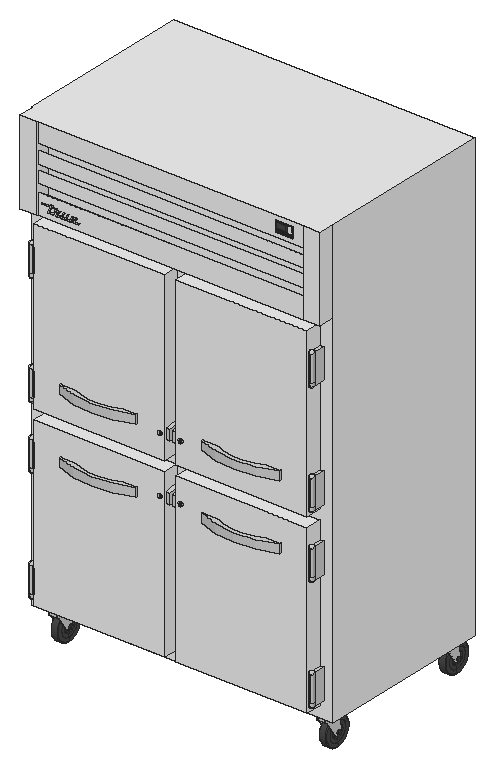
Revit family
Parameters
  Weight in Pounds = 0
  Watts = Volts * FL Amps  # 1334 W
  Volts = 115 V
  URL Cutsheet = "www.truemfg.com"
  URL = "www.truemfg.com"
  Type Mark [instance] = ""
  Type Comments = ""
  Status [instance] = ""
  Specification by User [instance] = ""
  Specification by Manufacturer = ""
  Show Seismic Flanged [instance] = no
  Show Logo [instance] = yes
  Show Legs [instance] = no
  Show Clearance [instance] = yes
  Serial Number = ""
  Seismic Rating = ""
  Seismic Plate [instance] = and(Show Seismic Flanged, not(Show Casters))  # no
  SMACNA No = ""
  Revision Code [instance] = ""
  Phase = 1
  Omniclass Number and Title = ""
  Number of Poles [instance] = 1
  NAFEM Spec ID Number = ""
  Model = "STR2DT-4HS"
  Min Ckt Ampacity = 0 A
  Max Overcurrent Protection = 0 A
  Masterspec = ""
  Manufacturer = "TRUE FOOD SERVICE EQUIPMENT, INC."
  Length = 52 5/8"
  Legs [instance] = or(Show Legs, Show Seismic Flanged)  # no
  Item Number [instance] = ""
  Installed By [instance] = ""
  Identify Quantity as Lot [instance] = yes
  Height = 77 3/4"
  HP = ""
  Furnished By [instance] = ""
  Foodservice Equipment Identifier [instance] = yes
  FL Amps = 11.6 A
  Electrical Remarks [instance] = ""
  Electric Connection Type [instance] = ""
  Elec Conn RI Height [instance] = 0"
  Elec Conn Connection Height [instance] = 0"
  Description = "Reach-in Solid Half Swing Door Dual Temperature Refrigerator/Freezer"
  Depth = 33 3/4"
  Cycle = 60 Hz
  Conn Plug = "5-20P"
  Conn Conduit = yes
  Show Casters [instance] = and(not(if(Show Legs, Show Legs, Show Legs)), not(if(Show Legs, Show Legs, Show Seismic Flanged)))  # yes
  CSI MasterFormat = ""
  CSI Master Format = ""
  Apparent Power = if(Phase = 3, Volts * FL Amps * 1.73, Volts * FL Amps)  # 1334 VA
Reference planes (in)
  plane 1 "BACK": y = 0
  plane 2: z = 0
  plane 3 "LEFT": x = 0
  plane 4 "RIGHT": x = 52.625
  plane 5 "FRONT": y = -33.75
  plane 6 "TOP": z = 84.125
  plane 7: z = 6.125
  plane 8: x = 26.3125
  plane 9: x = 3
  plane 10: x = 49.9375
  plane 11: y = -33.7042
  plane 12: x = 26.46875
Forms (in)
  Extrusion 1, solid, material "QF_Finishes_Chrome - Satin"
    sketch origin (0.05, 0, 0) x (1, 0, 0) y (0, 1, 0)
      loop
        line (-0.05, 0) -> (-0.05, -31) -> (2.35625, -31) -> (2.35625, 0) -> (-0.05, 0)
    from 6.125 to 84.125
  Extrusion 2, solid, material "QF_Finishes_Chrome - Satin"
    sketch origin (50.15, 0, 0) x (1, 0, 0) y (0, 1, 0)
      loop
        line (0.225, 0) -> (0.225, -31) -> (2.475, -31) -> (2.475, 0) -> (0.225, 0)
    from 6.125 to 84.125
  Extrusion 3, solid, material "QF_Finishes_Chrome - Satin"
    sketch origin (0, 0, 0) x (0, 1, 0) y (0, 0, 1)
      loop
        line (-33.7042, 69.5) -> (-31, 69.5) -> (-31, 6.125) -> (0, 6.125) -> (0, 84.125) -> (-33.7042, 84.125) -> (-33.7042, 80.78078) -> (-31.5, 79.21352) -> (-31.5, 78.09125) -> (-33.7042, 79.65851) -> (-33.7042, 77.5248) -> (-31.5, 75.95754) -> (-31.5, 74.99678) -> (-33.7042, 76.56404) -> (-33.7042, 74.46784) -> (-31.5, 72.90057) -> (-31.5, 71.625) -> (-33.7042, 73.19226) -> (-33.7042, 69.5)
    from 2.25 to 50.375
  Extrusion 4, solid, material "QF_Finishes_Chrome - Satin"
    sketch origin (0, 0, 0) x (1, 0, 0) y (0, 1, 0)
      loop
        line (52.54687, -31) -> (49.66032, -31) -> (49.66032, -33.75) -> (52.54687, -33.75) -> (52.54687, -31)
    from 69.5 to 84.125
  Extrusion 5, solid, material "QF_Finishes_Chrome - Satin"
    sketch origin (-50.125, 0, 0.25) x (1, 0, 0) y (0, 1, 0)
      loop
        line (53.20984, -31) -> (50.20312, -31) -> (50.20312, -33.75) -> (53.20984, -33.75) -> (53.20984, -31)
    from 69.25 to 83.875
  Extrusion 6, solid, material "QF_Finishes_Chrome - Satin"
    sketch origin (0, 0, -0.71875) x (1, 0, 0) y (0, 0, 1)
      loop
        line (2.4375, 68.6875) -> (2.4375, 39.59375) -> (25.375, 39.59375) -> (25.375, 68.6875) -> (2.4375, 68.6875)
      loop
        line (50.34375, 68.6875) -> (27.40625, 68.6875) -> (27.40625, 39.59375) -> (50.34375, 39.59375) -> (50.34375, 68.6875)
      loop
        line (2.4375, 8.75) -> (25.375, 8.75) -> (25.375, 37.84375) -> (2.4375, 37.84375) -> (2.4375, 8.75)
      loop
        line (27.40625, 8.75) -> (50.34375, 8.75) -> (50.34375, 37.84375) -> (27.40625, 37.84375) -> (27.40625, 8.75)
    from 31 to 33.75
  Extrusion 7, solid, material "QF_Finishes_Handrails and Railings"
    sketch origin (85.95, -0.25, 32.09144) x (1, 0, 0) y (0, 1, 0)
      loop
        line (-53.875, -33.5) -> (-53.875, -33.7)
        arc (-53.875, -33.7) -> (-47.075, -35.14405) -> (-40.275, -33.7) r 16.7325
        line (-40.275, -33.7) -> (-40.275, -33.5) -> (-42.675, -33.5)
        arc (-42.675, -33.5) -> (-47.075, -34.65816) -> (-51.475, -33.5) r 8.93715
        line (-51.475, -33.5) -> (-53.875, -33.5)
    from 10.87731 to 12.37731
  Extrusion 8, solid, material "QF_Finishes_Handrails and Railings"
    sketch origin (1.875, 0, 2.875) x (1, 0, 0) y (0, 0, 1)
      loop
        circle (22.6875, 40.0625) r 0.35
      loop
        line (22.65235, 40.33635) -> (22.65235, 39.76895) -> (22.70785, 39.76895) -> (22.70785, 40.33635) -> (22.65235, 40.33635)
      loop
        circle (26.3125, 40.0625) r 0.35
      loop
        line (26.34765, 40.33635) -> (26.29215, 40.33635) -> (26.29215, 39.76895) -> (26.34765, 39.76895) -> (26.34765, 40.33635)
    from 33.5 to 33.83066
  Extrusion 9, solid, material "QF_Finishes_Handrails and Railings", visible <- "Show Logo"
    sketch origin (0.33478, 1.08173, -6.73143) x (1, 0, 0) y (0, 0, 1)
      loop
        line (3.61669, 78.46231) -> (3.51103, 78.23573) -> (4.91652, 78.23573)
        arc (4.91652, 78.23573) -> (4.94504, 78.18528) -> (4.91652, 78.13484) r 0.05887
        line (4.91652, 78.13484) -> (4.54994, 77.34872)
        arc (4.54994, 77.34872) -> (4.54676, 77.27591) -> (4.596, 77.22217) r 0.09523
        line (4.596, 77.22217) -> (5.49469, 77.22217)
        arc (5.49469, 77.22217) -> (5.60817, 77.25795) -> (5.68061, 77.35235) r 0.19785
        line (5.68061, 77.35235) -> (5.9691, 77.97101) -> (6.23415, 77.97101)
        arc (6.23415, 77.97101) -> (6.30369, 77.94543) -> (6.29362, 77.87203) r 0.05911
        line (6.29362, 77.87203) -> (6.05223, 77.35437)
        arc (6.05223, 77.35437) -> (6.05599, 77.2684) -> (6.12856, 77.22217) r 0.09318
        line (6.12856, 77.22217) -> (6.91823, 77.22217)
        arc (6.91823, 77.22217) -> (6.97874, 77.24419) -> (7.01093, 77.29995) r 0.09412
        arc (7.01093, 77.29995) -> (7.03371, 77.24495) -> (7.08871, 77.22217) r 0.07778
        line (7.08871, 77.22217) -> (7.58871, 77.22217)
        arc (7.58871, 77.22217) -> (7.64647, 77.23765) -> (7.68876, 77.27993) r 0.11552
        arc (7.68876, 77.27993) -> (7.709, 77.23106) -> (7.75787, 77.21081) r 0.06912
        line (7.75787, 77.21081) -> (8.4685, 77.21081)
        arc (8.4685, 77.21081) -> (8.52659, 77.23488) -> (8.55066, 77.29297) r 0.08216
        arc (8.55066, 77.29297) -> (8.60392, 77.23972) -> (8.67667, 77.22022) r 0.14551
        line (8.67667, 77.22022) -> (10.00783, 77.22022) -> (10.15571, 77.47634) -> (8.81303, 77.47634)
        arc (8.81303, 77.47634) -> (8.77597, 77.50204) -> (8.77459, 77.54711) r 0.05009
        line (8.77459, 77.54711) -> (8.79782, 77.59692)
        arc (8.79782, 77.59692) -> (8.83348, 77.64364) -> (8.88952, 77.66135) r 0.09747
        line (8.88952, 77.66135) -> (9.3211, 77.66135)
        arc (9.3211, 77.66135) -> (9.41425, 77.68631) -> (9.48244, 77.7545) r 0.1863
        line (9.48244, 77.7545) -> (9.60744, 77.97101)
        arc (9.60744, 77.97101) -> (9.60744, 78.08657) -> (9.50736, 78.14434) r 0.11556
        line (9.50736, 78.14434) -> (9.05187, 78.14434)
        arc (9.05187, 78.14434) -> (8.93575, 78.12462) -> (8.85474, 78.03912) r 0.18605
        line (8.85474, 78.03912) -> (8.63829, 77.57493)
        arc (8.63829, 77.57493) -> (8.5744, 77.49167) -> (8.47431, 77.46011) r 0.1745
        line (8.47431, 77.46011) -> (8.00184, 77.46011)
        arc (8.00184, 77.46011) -> (7.94528, 77.52184) -> (7.94893, 77.60548) r 0.10939
        line (7.94893, 77.60548) -> (8.2002, 78.14434) -> (8.04028, 78.14434) -> (7.77406, 77.57344)
        arc (7.77406, 77.57344) -> (7.72234, 77.50603) -> (7.6413, 77.48048) r 0.14128
        line (7.6413, 77.48048) -> (7.3155, 77.48048)
        arc (7.3155, 77.48048) -> (7.26044, 77.55223) -> (7.27225, 77.64189) r 0.11816
        line (7.27225, 77.64189) -> (7.50655, 78.14434) -> (7.34139, 78.14434) -> (7.07171, 77.566)
        arc (7.07171, 77.566) -> (7.0091, 77.50339) -> (6.92358, 77.48048) r 0.17104
        line (6.92358, 77.48048) -> (6.4518, 77.48048)
        arc (6.4518, 77.48048) -> (6.36707, 77.51999) -> (6.35892, 77.61313) r 0.0935
        line (6.35892, 77.61313) -> (6.51399, 77.94569) -> (6.7332, 77.94569)
        arc (6.7332, 77.94569) -> (6.7702, 78.05717) -> (6.84892, 78.14434) r 0.2857
        line (6.84892, 78.14434) -> (5.9923, 78.14434)
        arc (5.9923, 78.14434) -> (5.89711, 78.12324) -> (5.83123, 78.05135) r 0.16212
        line (5.83123, 78.05135) -> (5.59904, 77.55341)
        arc (5.59904, 77.55341) -> (5.54565, 77.50002) -> (5.47272, 77.48048) r 0.14586
        line (5.47272, 77.48048) -> (4.96131, 77.48048)
        arc (4.96131, 77.48048) -> (4.92139, 77.53442) -> (4.92899, 77.60109) r 0.09155
        line (4.92899, 77.60109) -> (5.26643, 78.23573) -> (6.1178, 78.23573) -> (6.22346, 78.46231) -> (5.37209, 78.46231) -> (5.47774, 78.68888) -> (5.17487, 78.68888) -> (5.06922, 78.46231) -> (3.61669, 78.46231)
      loop
        arc (8.9943, 77.93863) -> (8.95744, 77.92875) -> (8.93045, 77.90176) r 0.07373
        line (8.93045, 77.90176) -> (8.90854, 77.83436)
        arc (8.90854, 77.83436) -> (8.9187, 77.80983) -> (8.94324, 77.79966) r 0.0347
        line (8.94324, 77.79966) -> (9.31573, 77.79966)
        arc (9.31573, 77.79966) -> (9.34257, 77.80561) -> (9.36437, 77.82234) r 0.0635
        line (9.36437, 77.82234) -> (9.38249, 77.90622)
        arc (9.38249, 77.90622) -> (9.37716, 77.92868) -> (9.35634, 77.93863) r 0.02676
        line (9.35634, 77.93863) -> (8.9943, 77.93863)
    from 34.76797 to 34.83173
  Extrusion 10, solid
    sketch origin (0, 0, 0) x (1, 0, 0) y (0, 0, 1)
      loop
        circle (49.53125, 82) r 0.25
    from 0 to 0.0625
  Extrusion 11, solid, material "QF_Finishes_Handrails and Railings"
    sketch origin (-33.16875, -0.25, 32.09144) x (1, 0, 0) y (0, 1, 0)
      loop
        line (53.71875, -33.5) -> (51.31875, -33.5)
        arc (51.31875, -33.5) -> (47.075, -34.58228) -> (42.83125, -33.5) r 8.86127
        line (42.83125, -33.5) -> (40.43125, -33.5) -> (40.43125, -33.7)
        arc (40.43125, -33.7) -> (47.075, -35.08117) -> (53.71875, -33.7) r 16.66961
        line (53.71875, -33.7) -> (53.71875, -33.5)
    from 10.87731 to 12.37731
  Blend 12, solid, material "QF_Finishes_Handrails and Railings"
    base sketch origin (0.125, 0, 4.875) x (1, 0, 0) y (0, 0, 1)
      loop
        line (25.25, 38.99169) -> (25.25, 37.24169) -> (26, 37.24169) -> (26, 38.99169) -> (25.25, 38.99169)
    top sketch origin (0.125, 0, 4.875) x (1, 0, 0) y (0, 0, 1)
      loop
        line (26.18223, 36.6441) -> (26.18223, 39.42643) -> (25.25, 39.42643) -> (25.25, 36.6441) -> (26.18223, 36.6441)
    from 33.57883 to 31
  Blend 13, solid, material "QF_Finishes_Handrails and Railings"
    base sketch origin (52.65625, 0, 4.875) x (-1, 0, 0) y (0, 0, -1)
      loop
        line (25.25, -38.99169) -> (26, -38.99169) -> (26, -37.24169) -> (25.25, -37.24169) -> (25.25, -38.99169)
    top sketch origin (52.65625, 0, 4.875) x (-1, 0, 0) y (0, 0, -1)
      loop
        line (26.18223, -36.6441) -> (25.25, -36.6441) -> (25.25, -39.42643) -> (26.18223, -39.42643) -> (26.18223, -36.6441)
    from 33.57883 to 31
  Extrusion 14, solid, material "QF_Finishes_Handrails and Railings"
    sketch origin (1.28125, 0, 0) x (0, 1, 0) y (0, 0, 1)
      loop
        line (-31, 64.55229) -> (-32.61044, 64.55229)
        arc (-32.61044, 64.55229) -> (-32.75506, 64.49238) -> (-32.81497, 64.34776) r 0.20453
        line (-32.81497, 64.34776) -> (-32.81497, 59.94848) -> (-33.25, 59.94848) -> (-33.25, 59.23627) -> (-31, 59.23627) -> (-31, 64.55229)
    from 0.17506 to 1
  Revolve 15, solid, material "QF_Finishes_Handrails and Railings"
    sketch origin (1.78125, 0, 0) x (0, 1, 0) y (0, 0, 1)
      loop
        line (-33.26563, 60.00189) -> (-33.26563, 64.81483)
        arc (-33.26563, 64.81483) -> (-33.53722, 64.72557) -> (-33.67229, 64.4736) r 0.3848
        line (-33.67229, 64.4736) -> (-33.67229, 60.00189) -> (-33.26563, 60.00189)
      loop
        line (-33.26563, 59.94848) -> (-33.67229, 59.94848) -> (-33.67229, 59.37712)
        arc (-33.67229, 59.37712) -> (-33.53264, 59.13383) -> (-33.26563, 59.04781) r 0.38884
        line (-33.26563, 59.04781) -> (-33.26563, 59.94848)
      axis (-33.26563, 59.04781) -> (-33.26563, 64.81483)
    angle from 0 to 360
  Extrusion 16, solid, material "QF_Finishes_Handrails and Railings"
    sketch origin (-0.03125, 0, 0) x (1, 0, 0) y (0, 0, 1)
      loop
        line (2.07116, 64.4736) -> (2.07116, 60.00079) -> (2.46875, 60.00079) -> (2.46875, 64.4736) -> (2.07116, 64.4736)
    from 32.81497 to 33.59495
  Extrusion 17, solid, material "QF_Finishes_Handrails and Railings"
    sketch origin (1.28125, 0, -19.5) x (0, 1, 0) y (0, 0, 1)
      loop
        line (-31, 64.55229) -> (-32.61044, 64.55229)
        arc (-32.61044, 64.55229) -> (-32.75506, 64.49238) -> (-32.81497, 64.34776) r 0.20453
        line (-32.81497, 64.34776) -> (-32.81497, 59.94848) -> (-33.25, 59.94848) -> (-33.25, 59.23627) -> (-31, 59.23627) -> (-31, 64.55229)
    from 0.17506 to 1
  Revolve 18, solid, material "QF_Finishes_Handrails and Railings"
    sketch origin (1.78125, 0, -19.5) x (0, 1, 0) y (0, 0, 1)
      loop
        line (-33.26563, 60.00189) -> (-33.26563, 64.81483)
        arc (-33.26563, 64.81483) -> (-33.53722, 64.72557) -> (-33.67229, 64.4736) r 0.3848
        line (-33.67229, 64.4736) -> (-33.67229, 60.00189) -> (-33.26563, 60.00189)
      loop
        line (-33.26563, 59.94848) -> (-33.67229, 59.94848) -> (-33.67229, 59.37712)
        arc (-33.67229, 59.37712) -> (-33.53264, 59.13383) -> (-33.26563, 59.04781) r 0.38884
        line (-33.26563, 59.04781) -> (-33.26563, 59.94848)
      axis (-33.26563, 59.04781) -> (-33.26563, 64.81483)
    angle from 0 to 360
  Extrusion 19, solid, material "QF_Finishes_Handrails and Railings"
    sketch origin (-0.03125, 0, -19.5) x (1, 0, 0) y (0, 0, 1)
      loop
        line (2.07116, 64.4736) -> (2.07116, 60.00079) -> (2.46875, 60.00079) -> (2.46875, 64.4736) -> (2.07116, 64.4736)
    from 32.81497 to 33.59495
  Extrusion 20, solid, material "QF_Finishes_Handrails and Railings"
    sketch origin (1.28125, 0, -30.5) x (0, 1, 0) y (0, 0, 1)
      loop
        line (-31, 64.55229) -> (-32.61044, 64.55229)
        arc (-32.61044, 64.55229) -> (-32.75506, 64.49238) -> (-32.81497, 64.34776) r 0.20453
        line (-32.81497, 64.34776) -> (-32.81497, 59.94848) -> (-33.25, 59.94848) -> (-33.25, 59.23627) -> (-31, 59.23627) -> (-31, 64.55229)
    from 0.17506 to 1
  Revolve 21, solid, material "QF_Finishes_Handrails and Railings"
    sketch origin (1.78125, 0, -30.5) x (0, 1, 0) y (0, 0, 1)
      loop
        line (-33.26563, 60.00189) -> (-33.26563, 64.81483)
        arc (-33.26563, 64.81483) -> (-33.53722, 64.72557) -> (-33.67229, 64.4736) r 0.3848
        line (-33.67229, 64.4736) -> (-33.67229, 60.00189) -> (-33.26563, 60.00189)
      loop
        line (-33.26563, 59.94848) -> (-33.67229, 59.94848) -> (-33.67229, 59.37712)
        arc (-33.67229, 59.37712) -> (-33.53264, 59.13383) -> (-33.26563, 59.04781) r 0.38884
        line (-33.26563, 59.04781) -> (-33.26563, 59.94848)
      axis (-33.26563, 59.04781) -> (-33.26563, 64.81483)
    angle from 0 to 360
  Extrusion 22, solid, material "QF_Finishes_Handrails and Railings"
    sketch origin (-0.03125, 0, -30.5) x (1, 0, 0) y (0, 0, 1)
      loop
        line (2.07116, 64.4736) -> (2.07116, 60.00079) -> (2.46875, 60.00079) -> (2.46875, 64.4736) -> (2.07116, 64.4736)
    from 32.81497 to 33.59495
  Extrusion 23, solid, material "QF_Finishes_Handrails and Railings"
    sketch origin (1.28125, 0, -50.25) x (0, 1, 0) y (0, 0, 1)
      loop
        line (-31, 64.55229) -> (-32.61044, 64.55229)
        arc (-32.61044, 64.55229) -> (-32.75506, 64.49238) -> (-32.81497, 64.34776) r 0.20453
        line (-32.81497, 64.34776) -> (-32.81497, 59.94848) -> (-33.25, 59.94848) -> (-33.25, 59.23627) -> (-31, 59.23627) -> (-31, 64.55229)
    from 0.17506 to 1
  Revolve 24, solid, material "QF_Finishes_Handrails and Railings"
    sketch origin (1.78125, 0, -50.25) x (0, 1, 0) y (0, 0, 1)
      loop
        line (-33.26563, 60.00189) -> (-33.26563, 64.81483)
        arc (-33.26563, 64.81483) -> (-33.53722, 64.72557) -> (-33.67229, 64.4736) r 0.3848
        line (-33.67229, 64.4736) -> (-33.67229, 60.00189) -> (-33.26563, 60.00189)
      loop
        line (-33.26563, 59.94848) -> (-33.67229, 59.94848) -> (-33.67229, 59.37712)
        arc (-33.67229, 59.37712) -> (-33.53264, 59.13383) -> (-33.26563, 59.04781) r 0.38884
        line (-33.26563, 59.04781) -> (-33.26563, 59.94848)
      axis (-33.26563, 59.04781) -> (-33.26563, 64.81483)
    angle from 0 to 360
  Extrusion 25, solid, material "QF_Finishes_Handrails and Railings"
    sketch origin (-0.03125, 0, -50.25) x (1, 0, 0) y (0, 0, 1)
      loop
        line (2.07116, 64.4736) -> (2.07116, 60.00079) -> (2.46875, 60.00079) -> (2.46875, 64.4736) -> (2.07116, 64.4736)
    from 32.81497 to 33.59495
  Extrusion 26, solid, material "QF_Finishes_Handrails and Railings"
    sketch origin (51.1875, 0, 0) x (0, 1, 0) y (0, 0, -1)
      loop
        line (-31, -64.55229) -> (-31, -59.23627) -> (-33.25, -59.23627) -> (-33.25, -59.94848) -> (-32.81497, -59.94848) -> (-32.81497, -64.34776)
        arc (-32.81497, -64.34776) -> (-32.75506, -64.49238) -> (-32.61044, -64.55229) r 0.20453
        line (-32.61044, -64.55229) -> (-31, -64.55229)
    from 0.17506 to 1
  Revolve 27, solid, material "QF_Finishes_Handrails and Railings"
    sketch origin (50.6875, 0, 0) x (0, 1, 0) y (0, 0, -1)
      loop
        line (-33.26563, -60.00189) -> (-33.67229, -60.00189) -> (-33.67229, -64.4736)
        arc (-33.67229, -64.4736) -> (-33.53722, -64.72557) -> (-33.26563, -64.81483) r 0.3848
        line (-33.26563, -64.81483) -> (-33.26563, -60.00189)
      loop
        line (-33.26563, -59.94848) -> (-33.26563, -59.04781)
        arc (-33.26563, -59.04781) -> (-33.53264, -59.13383) -> (-33.67229, -59.37712) r 0.38884
        line (-33.67229, -59.37712) -> (-33.67229, -59.94848) -> (-33.26563, -59.94848)
      axis (-33.26563, -59.04781) -> (-33.26563, -64.81483)
    angle from 0 to 360
  Extrusion 28, solid, material "QF_Finishes_Handrails and Railings"
    sketch origin (52.5, 0, 0) x (-1, 0, 0) y (0, 0, -1)
      loop
        line (1.75866, -64.4736) -> (2.15625, -64.4736) -> (2.15625, -60.00079) -> (1.75866, -60.00079) -> (1.75866, -64.4736)
    from 32.81497 to 33.59495
  Extrusion 29, solid, material "QF_Finishes_Handrails and Railings"
    sketch origin (51.1875, 0, -19.5) x (0, 1, 0) y (0, 0, -1)
      loop
        line (-31, -64.55229) -> (-31, -59.23627) -> (-33.25, -59.23627) -> (-33.25, -59.94848) -> (-32.81497, -59.94848) -> (-32.81497, -64.34776)
        arc (-32.81497, -64.34776) -> (-32.75506, -64.49238) -> (-32.61044, -64.55229) r 0.20453
        line (-32.61044, -64.55229) -> (-31, -64.55229)
    from 0.17506 to 1
  Revolve 30, solid, material "QF_Finishes_Handrails and Railings"
    sketch origin (50.6875, 0, -19.5) x (0, 1, 0) y (0, 0, -1)
      loop
        line (-33.26563, -60.00189) -> (-33.67229, -60.00189) -> (-33.67229, -64.4736)
        arc (-33.67229, -64.4736) -> (-33.53722, -64.72557) -> (-33.26563, -64.81483) r 0.3848
        line (-33.26563, -64.81483) -> (-33.26563, -60.00189)
      loop
        line (-33.26563, -59.94848) -> (-33.26563, -59.04781)
        arc (-33.26563, -59.04781) -> (-33.53264, -59.13383) -> (-33.67229, -59.37712) r 0.38884
        line (-33.67229, -59.37712) -> (-33.67229, -59.94848) -> (-33.26563, -59.94848)
      axis (-33.26563, -59.04781) -> (-33.26563, -64.81483)
    angle from 0 to 360
  Extrusion 31, solid, material "QF_Finishes_Handrails and Railings"
    sketch origin (52.5, 0, -19.5) x (-1, 0, 0) y (0, 0, -1)
      loop
        line (1.75866, -64.4736) -> (2.15625, -64.4736) -> (2.15625, -60.00079) -> (1.75866, -60.00079) -> (1.75866, -64.4736)
    from 32.81497 to 33.59495
  Extrusion 32, solid, material "QF_Finishes_Handrails and Railings"
    sketch origin (51.1875, 0, -30.5) x (0, 1, 0) y (0, 0, -1)
      loop
        line (-31, -64.55229) -> (-31, -59.23627) -> (-33.25, -59.23627) -> (-33.25, -59.94848) -> (-32.81497, -59.94848) -> (-32.81497, -64.34776)
        arc (-32.81497, -64.34776) -> (-32.75506, -64.49238) -> (-32.61044, -64.55229) r 0.20453
        line (-32.61044, -64.55229) -> (-31, -64.55229)
    from 0.17506 to 1
  Revolve 33, solid, material "QF_Finishes_Handrails and Railings"
    sketch origin (50.6875, 0, -30.5) x (0, 1, 0) y (0, 0, -1)
      loop
        line (-33.26563, -60.00189) -> (-33.67229, -60.00189) -> (-33.67229, -64.4736)
        arc (-33.67229, -64.4736) -> (-33.53722, -64.72557) -> (-33.26563, -64.81483) r 0.3848
        line (-33.26563, -64.81483) -> (-33.26563, -60.00189)
      loop
        line (-33.26563, -59.94848) -> (-33.26563, -59.04781)
        arc (-33.26563, -59.04781) -> (-33.53264, -59.13383) -> (-33.67229, -59.37712) r 0.38884
        line (-33.67229, -59.37712) -> (-33.67229, -59.94848) -> (-33.26563, -59.94848)
      axis (-33.26563, -59.04781) -> (-33.26563, -64.81483)
    angle from 0 to 360
  Extrusion 34, solid, material "QF_Finishes_Handrails and Railings"
    sketch origin (52.5, 0, -30.5) x (-1, 0, 0) y (0, 0, -1)
      loop
        line (1.75866, -64.4736) -> (2.15625, -64.4736) -> (2.15625, -60.00079) -> (1.75866, -60.00079) -> (1.75866, -64.4736)
    from 32.81497 to 33.59495
  Extrusion 35, solid, material "QF_Finishes_Handrails and Railings"
    sketch origin (51.1875, 0, -50.25) x (0, 1, 0) y (0, 0, -1)
      loop
        line (-31, -64.55229) -> (-31, -59.23627) -> (-33.25, -59.23627) -> (-33.25, -59.94848) -> (-32.81497, -59.94848) -> (-32.81497, -64.34776)
        arc (-32.81497, -64.34776) -> (-32.75506, -64.49238) -> (-32.61044, -64.55229) r 0.20453
        line (-32.61044, -64.55229) -> (-31, -64.55229)
    from 0.17506 to 1
  Revolve 36, solid, material "QF_Finishes_Handrails and Railings"
    sketch origin (50.6875, 0, -50.25) x (0, 1, 0) y (0, 0, -1)
      loop
        line (-33.26563, -60.00189) -> (-33.67229, -60.00189) -> (-33.67229, -64.4736)
        arc (-33.67229, -64.4736) -> (-33.53722, -64.72557) -> (-33.26563, -64.81483) r 0.3848
        line (-33.26563, -64.81483) -> (-33.26563, -60.00189)
      loop
        line (-33.26563, -59.94848) -> (-33.26563, -59.04781)
        arc (-33.26563, -59.04781) -> (-33.53264, -59.13383) -> (-33.67229, -59.37712) r 0.38884
        line (-33.67229, -59.37712) -> (-33.67229, -59.94848) -> (-33.26563, -59.94848)
      axis (-33.26563, -59.04781) -> (-33.26563, -64.81483)
    angle from 0 to 360
  Extrusion 37, solid, material "QF_Finishes_Handrails and Railings"
    sketch origin (52.5, 0, -50.25) x (-1, 0, 0) y (0, 0, -1)
      loop
        line (1.75866, -64.4736) -> (2.15625, -64.4736) -> (2.15625, -60.00079) -> (1.75866, -60.00079) -> (1.75866, -64.4736)
    from 32.81497 to 33.59495
  Revolve 38, solid, material "QF_Finishes_Black", visible <- "Show Casters"
    sketch origin (47.78125, -27.375, 0) x (1, 0, 0) y (0, 0, 1)
      loop
        line (1.63125, 5) -> (1.53125, 4.9) -> (1.53125, 4.29941) -> (1.69226, 4.29941) -> (1.69226, 3.54941) -> (1.53125, 3.54941) -> (1.53125, 2.79941) -> (1.13125, 2.79941) -> (1.13125, 2.5) -> (3.18125, 2.5) -> (3.18125, 2.79941) -> (2.78533, 2.79941) -> (2.78533, 3.54941) -> (2.62024, 3.54941) -> (2.62024, 4.29941) -> (2.78533, 4.29941) -> (2.78533, 4.89592) -> (2.68125, 5) -> (1.63125, 5)
      axis (3.18125, 2.5) -> (1.13125, 2.5)
    angle from 0 to 360
  Extrusion 39, solid, material "QF_Finishes_Handrails and Railings", visible <- "Show Casters"
    sketch origin (47.78125, 0, 0) x (0, 1, 0) y (0, 0, 1)
      loop
        line (-29.95136, 5.48574) -> (-29.95136, 4.88089) -> (-29.70136, 4.88089) -> (-27.95216, 2.18736)
        arc (-27.95216, 2.18736) -> (-27.23883, 1.94868) -> (-26.84581, 2.59003) r 0.60416
        line (-26.84581, 2.59003) -> (-27.20136, 5.48574) -> (-29.95136, 5.48574)
      loop
        line (-3.8577, 5.48574) -> (-3.8577, 4.88089) -> (-3.6077, 4.88089) -> (-1.8585, 2.18736)
        arc (-1.8585, 2.18736) -> (-1.14517, 1.94868) -> (-0.75215, 2.59003) r 0.60416
        line (-0.75215, 2.59003) -> (-1.1077, 5.48574) -> (-3.8577, 5.48574)
    from 1.175 to 1.325
  Extrusion 40, solid, material "QF_Finishes_Handrails and Railings", visible <- "Show Casters"
    sketch origin (49.28125, 0, 0) x (0, 1, 0) y (0, 0, 1)
      loop
        line (-29.95136, 5.48574) -> (-29.95136, 4.88089) -> (-29.70136, 4.88089) -> (-27.95216, 2.18736)
        arc (-27.95216, 2.18736) -> (-27.23883, 1.94868) -> (-26.84581, 2.59003) r 0.60416
        line (-26.84581, 2.59003) -> (-27.20136, 5.48574) -> (-29.95136, 5.48574)
      loop
        line (-3.8577, 5.48574) -> (-3.8577, 4.88089) -> (-3.6077, 4.88089) -> (-1.8585, 2.18736)
        arc (-1.8585, 2.18736) -> (-1.14517, 1.94868) -> (-0.75215, 2.59003) r 0.60416
        line (-0.75215, 2.59003) -> (-1.1077, 5.48574) -> (-3.8577, 5.48574)
    from 1.175 to 1.325
  Revolve 41, solid, material "QF_Finishes_Chrome - Satin", visible <- "Show Casters"
    sketch origin (47.78125, -28.5625, -0.5) x (1, 0, 0) y (0, 0, 1)
      loop
        line (2.15625, 5.99546) -> (2.15625, 6.62359) -> (0.85918, 6.62359) -> (0.85918, 5.99546) -> (2.15625, 5.99546)
      axis (2.15625, 5.99546) -> (2.15625, 6.62359)
    angle from 0 to 360
  Revolve 42, solid, material "QF_Finishes_Chrome - Satin", visible <- "Legs"
    sketch origin (47.78125, -2.69102, 0) x (1, 0, 0) y (0, 0, 1)
      loop
        line (2.15625, 6.125) -> (0.82287, 6.125) -> (1.40625, 1) -> (1.65625, 1) -> (1.65625, 0) -> (2.15625, 0) -> (2.15625, 6.125)
      axis (2.15625, 0) -> (2.15625, 6.125)
    angle from 0 to 360
  Revolve 43, solid, material "QF_Finishes_Chrome - Satin", visible <- "Legs"
    sketch origin (47.78125, -28.65977, 0) x (1, 0, 0) y (0, 0, 1)
      loop
        line (2.15625, 6.125) -> (0.82287, 6.125) -> (1.40625, 1) -> (1.65625, 1) -> (1.65625, 0) -> (2.15625, 0) -> (2.15625, 6.125)
      axis (2.15625, 0) -> (2.15625, 6.125)
    angle from 0 to 360
  Revolve 44, solid, material "QF_Finishes_Chrome - Satin", visible <- "Show Casters"
    sketch origin (47.78125, -2.70321, -0.5) x (1, 0, 0) y (0, 0, 1)
      loop
        line (2.15625, 5.99546) -> (2.15625, 6.62359) -> (0.85918, 6.62359) -> (0.85918, 5.99546) -> (2.15625, 5.99546)
      axis (2.15625, 5.99546) -> (2.15625, 6.62359)
    angle from 0 to 360
  Extrusion 45, solid, material "QF_Finishes_Handrails and Railings", visible <- "Show Casters"
    sketch origin (0, 0, 0) x (0, 1, 0) y (0, 0, 1)
      loop
        line (-29.95136, 5.48574) -> (-29.95136, 4.88089) -> (-29.70136, 4.88089) -> (-27.16533, 5.19227) -> (-27.20136, 5.48574) -> (-29.95136, 5.48574)
      loop
        line (-3.8577, 5.48574) -> (-3.8577, 4.88089) -> (-3.6077, 4.88089) -> (-1.07167, 5.19227) -> (-1.1077, 5.48574) -> (-3.8577, 5.48574)
    from 49.10625 to 50.45625
  Revolve 46, solid, material "QF_Finishes_Black", visible <- "Show Casters"
    sketch origin (47.78125, -1.21875, 0) x (1, 0, 0) y (0, 0, 1)
      loop
        line (1.63125, 5) -> (1.53125, 4.9) -> (1.53125, 4.29941) -> (1.69226, 4.29941) -> (1.69226, 3.54941) -> (1.53125, 3.54941) -> (1.53125, 2.79941) -> (1.13125, 2.79941) -> (1.13125, 2.5) -> (3.18125, 2.5) -> (3.18125, 2.79941) -> (2.78533, 2.79941) -> (2.78533, 3.54941) -> (2.62024, 3.54941) -> (2.62024, 4.29941) -> (2.78533, 4.29941) -> (2.78533, 4.89592) -> (2.68125, 5) -> (1.63125, 5)
      axis (3.18125, 2.5) -> (1.13125, 2.5)
    angle from 0 to 360
  Revolve 47, solid, material "QF_Finishes_Black", visible <- "Show Casters"
    sketch origin (0.84375, -27.375, 0) x (1, 0, 0) y (0, 0, 1)
      loop
        line (1.63125, 5) -> (1.53125, 4.9) -> (1.53125, 4.29941) -> (1.69226, 4.29941) -> (1.69226, 3.54941) -> (1.53125, 3.54941) -> (1.53125, 2.79941) -> (0.975, 2.79941) -> (0.975, 2.5) -> (3.18125, 2.5) -> (3.18125, 2.79941) -> (2.78533, 2.79941) -> (2.78533, 3.54941) -> (2.62024, 3.54941) -> (2.62024, 4.29941) -> (2.78533, 4.29941) -> (2.78533, 4.89592) -> (2.68125, 5) -> (1.63125, 5)
      axis (3.18125, 2.5) -> (0.975, 2.5)
    angle from 0 to 360
  Extrusion 48, solid, material "QF_Finishes_Handrails and Railings", visible <- "Show Casters"
    sketch origin (0.84375, 0, 0) x (0, 1, 0) y (0, 0, 1)
      loop
        line (-29.95136, 5.48574) -> (-29.95136, 4.88089) -> (-29.70136, 4.88089) -> (-27.95216, 2.18736)
        arc (-27.95216, 2.18736) -> (-27.23883, 1.94868) -> (-26.84581, 2.59003) r 0.60416
        line (-26.84581, 2.59003) -> (-27.20136, 5.48574) -> (-29.95136, 5.48574)
      loop
        line (-3.8577, 5.48574) -> (-3.8577, 4.88089) -> (-3.6077, 4.88089) -> (-1.8585, 2.18736)
        arc (-1.8585, 2.18736) -> (-1.14517, 1.94868) -> (-0.75215, 2.59003) r 0.60416
        line (-0.75215, 2.59003) -> (-1.1077, 5.48574) -> (-3.8577, 5.48574)
    from 1.175 to 1.325
  Extrusion 49, solid, material "QF_Finishes_Handrails and Railings", visible <- "Show Casters"
    sketch origin (2.34375, 0, 0) x (0, 1, 0) y (0, 0, 1)
      loop
        line (-29.95136, 5.48574) -> (-29.95136, 4.88089) -> (-29.70136, 4.88089) -> (-27.95216, 2.18736)
        arc (-27.95216, 2.18736) -> (-27.23883, 1.94868) -> (-26.84581, 2.59003) r 0.60416
        line (-26.84581, 2.59003) -> (-27.20136, 5.48574) -> (-29.95136, 5.48574)
      loop
        line (-3.8577, 5.48574) -> (-3.8577, 4.88089) -> (-3.6077, 4.88089) -> (-1.8585, 2.18736)
        arc (-1.8585, 2.18736) -> (-1.14517, 1.94868) -> (-0.75215, 2.59003) r 0.60416
        line (-0.75215, 2.59003) -> (-1.1077, 5.48574) -> (-3.8577, 5.48574)
    from 1.175 to 1.325
  Revolve 50, solid, material "QF_Finishes_Chrome - Satin", visible <- "Show Casters"
    sketch origin (0.84375, -28.5625, -0.5) x (1, 0, 0) y (0, 0, 1)
      loop
        line (2.15625, 5.99546) -> (2.15625, 6.62359) -> (0.85918, 6.62359) -> (0.85918, 5.99546) -> (2.15625, 5.99546)
      axis (2.15625, 5.99546) -> (2.15625, 6.62359)
    angle from 0 to 360
  Revolve 51, solid, material "QF_Finishes_Chrome - Satin", visible <- "Legs"
    sketch origin (0.84375, -2.69102, 0) x (1, 0, 0) y (0, 0, 1)
      loop
        line (2.15625, 6.125) -> (0.82287, 6.125) -> (1.40625, 1) -> (1.65625, 1) -> (1.65625, 0) -> (2.15625, 0) -> (2.15625, 6.125)
      axis (2.15625, 0) -> (2.15625, 6.125)
    angle from 0 to 360
  Revolve 52, solid, material "QF_Finishes_Chrome - Satin", visible <- "Legs"
    sketch origin (0.84375, -28.65977, 0) x (1, 0, 0) y (0, 0, 1)
      loop
        line (2.15625, 6.125) -> (0.82287, 6.125) -> (1.40625, 1) -> (1.65625, 1) -> (1.65625, 0) -> (2.15625, 0) -> (2.15625, 6.125)
      axis (2.15625, 0) -> (2.15625, 6.125)
    angle from 0 to 360
  Revolve 53, solid, material "QF_Finishes_Chrome - Satin", visible <- "Show Casters"
    sketch origin (0.84375, -2.70321, -0.5) x (1, 0, 0) y (0, 0, 1)
      loop
        line (2.15625, 5.99546) -> (2.15625, 6.62359) -> (0.85918, 6.62359) -> (0.85918, 5.99546) -> (2.15625, 5.99546)
      axis (2.15625, 5.99546) -> (2.15625, 6.62359)
    angle from 0 to 360
  Extrusion 54, solid, material "QF_Finishes_Handrails and Railings", visible <- "Show Casters"
    sketch origin (-46.9375, 0, 0) x (0, 1, 0) y (0, 0, 1)
      loop
        line (-29.95136, 5.48574) -> (-29.95136, 4.88089) -> (-29.70136, 4.88089) -> (-27.16533, 5.19227) -> (-27.20136, 5.48574) -> (-29.95136, 5.48574)
      loop
        line (-3.8577, 5.48574) -> (-3.8577, 4.88089) -> (-3.6077, 4.88089) -> (-1.07167, 5.19227) -> (-1.1077, 5.48574) -> (-3.8577, 5.48574)
    from 49.10625 to 50.45625
  Revolve 55, solid, material "QF_Finishes_Black", visible <- "Show Casters"
    sketch origin (0.84375, -1.21875, 0) x (1, 0, 0) y (0, 0, 1)
      loop
        line (1.63125, 5) -> (1.53125, 4.9) -> (1.53125, 4.29941) -> (1.69226, 4.29941) -> (1.69226, 3.54941) -> (1.53125, 3.54941) -> (1.53125, 2.79941) -> (0.975, 2.79941) -> (0.975, 2.5) -> (3.18125, 2.5) -> (3.18125, 2.79941) -> (2.78533, 2.79941) -> (2.78533, 3.54941) -> (2.62024, 3.54941) -> (2.62024, 4.29941) -> (2.78533, 4.29941) -> (2.78533, 4.89592) -> (2.68125, 5) -> (1.63125, 5)
      axis (3.18125, 2.5) -> (0.975, 2.5)
    angle from 0 to 360
  Extrusion 56, solid, material "QF_Finishes_White"
    sketch origin (1.49925, 1.06376, 1.58022) x (1, 0, 0) y (0, 0, 1)
      loop
        line (43.31732, 81.73227) -> (43.31732, 79.98496) -> (46.22357, 79.98496) -> (46.22357, 81.73227) -> (43.31732, 81.73227)
    from 34.75 to 34.76797
  Extrusion 57, solid, material "QF_Finishes_Black"
    sketch origin (1.49925, 1.06376, 1.58022) x (1, 0, 0) y (0, 0, 1)
      loop
        line (46.28607, 81.79477) -> (43.25482, 81.79477) -> (43.25482, 79.92246) -> (46.28607, 79.92246) -> (46.28607, 81.79477)
      loop
        spline (43.45482, 80.25372) -> (43.46333, 80.23754) -> (43.48831, 80.22247) -> (43.52804, 80.20952) -> (43.57982, 80.19959) -> (43.64011, 80.19335) -> (43.70482, 80.19122) -> (43.76952, 80.19335) -> (43.82982, 80.19959) -> (43.88159, 80.20952) -> (43.92132, 80.22247) -> (43.9463, 80.23754) -> (43.95482, 80.25372)
        spline (43.95482, 80.25372) -> (43.9463, 80.26989) -> (43.92132, 80.28497) -> (43.88159, 80.29791) -> (43.82982, 80.30784) -> (43.76952, 80.31409) -> (43.70482, 80.31622) -> (43.64011, 80.31409) -> (43.57982, 80.30784) -> (43.52804, 80.29791) -> (43.48831, 80.28497) -> (43.46333, 80.26989) -> (43.45482, 80.25372)
      loop
        spline (44.15083, 80.25372) -> (44.15935, 80.23754) -> (44.18432, 80.22247) -> (44.22405, 80.20952) -> (44.27583, 80.19959) -> (44.33612, 80.19335) -> (44.40083, 80.19122) -> (44.46553, 80.19335) -> (44.52583, 80.19959) -> (44.57761, 80.20952) -> (44.61734, 80.22247) -> (44.64231, 80.23754) -> (44.65083, 80.25372)
        spline (44.65083, 80.25372) -> (44.64231, 80.26989) -> (44.61734, 80.28497) -> (44.57761, 80.29791) -> (44.52583, 80.30784) -> (44.46553, 80.31409) -> (44.40083, 80.31622) -> (44.33612, 80.31409) -> (44.27583, 80.30784) -> (44.22405, 80.29791) -> (44.18432, 80.28497) -> (44.15935, 80.26989) -> (44.15083, 80.25372)
      loop
        spline (44.90083, 80.25372) -> (44.90935, 80.23754) -> (44.93432, 80.22247) -> (44.97405, 80.20952) -> (45.02583, 80.19959) -> (45.08612, 80.19335) -> (45.15083, 80.19122) -> (45.21553, 80.19335) -> (45.27583, 80.19959) -> (45.32761, 80.20952) -> (45.36734, 80.22247) -> (45.39231, 80.23754) -> (45.40083, 80.25372)
        spline (45.40083, 80.25372) -> (45.39231, 80.26989) -> (45.36734, 80.28497) -> (45.32761, 80.29791) -> (45.27583, 80.30784) -> (45.21553, 80.31409) -> (45.15083, 80.31622) -> (45.08612, 80.31409) -> (45.02583, 80.30784) -> (44.97405, 80.29791) -> (44.93432, 80.28497) -> (44.90935, 80.26989) -> (44.90083, 80.25372)
      loop
        line (43.45481, 81.59478) -> (43.45481, 80.59478) -> (45.15433, 80.59478) -> (45.15433, 81.59478) -> (43.45481, 81.59478)
      loop
        line (46.22357, 81.73227) -> (43.31732, 81.73227) -> (43.31732, 79.98496) -> (46.22357, 79.98496) -> (46.22357, 81.73227)
      loop
        spline (45.65083, 80.25372) -> (45.65935, 80.23754) -> (45.68432, 80.22247) -> (45.72405, 80.20952) -> (45.77583, 80.19959) -> (45.83612, 80.19335) -> (45.90083, 80.19122) -> (45.96553, 80.19335) -> (46.02583, 80.19959) -> (46.07761, 80.20952) -> (46.11734, 80.22247) -> (46.14231, 80.23754) -> (46.15083, 80.25372)
        spline (46.15083, 80.25372) -> (46.14231, 80.26989) -> (46.11734, 80.28497) -> (46.07761, 80.29791) -> (46.02583, 80.30784) -> (45.96553, 80.31409) -> (45.90083, 80.31622) -> (45.83612, 80.31409) -> (45.77583, 80.30784) -> (45.72405, 80.29791) -> (45.68432, 80.28497) -> (45.65935, 80.26989) -> (45.65083, 80.25372)
    from 34.76797 to 34.80335
  Extrusion 58, solid, material "QF_Finishes_Door Clearance", visible <- "Show Clearance", detail levels coarse
    sketch origin (0.66534, -3.6098, 0) x (-1, 0, 0) y (0, -1, 0)
      loop
        arc (-26.74091, 30.1402) -> (-33.45915, 46.35946) -> (-49.67841, 53.0777) r 22.9375
        line (-49.67841, 53.0777) -> (-49.67841, 30.1402) -> (-26.74091, 30.1402)
      loop
        line (-1.77216, 30.1402) -> (-1.77216, 53.0777)
        arc (-1.77216, 53.0777) -> (-17.99142, 46.35946) -> (-24.70966, 30.1402) r 22.9375
        line (-24.70966, 30.1402) -> (-1.77216, 30.1402)
    from 38.875 to 67.96875
  Extrusion 59, solid, material "QF_Finishes_Chrome - Satin", visible <- "Seismic Plate"
    sketch origin (-0.22541, -26.96562, 0) x (1, 0, 0) y (0, 1, 0)
      loop
        circle (3.22541, -1.69416) r 1.5
    from 0 to 0.25
  Extrusion 60, solid, material "QF_Finishes_Chrome - Satin", visible <- "Seismic Plate"
    sketch origin (-0.22541, -0.99687, 0) x (1, 0, 0) y (0, 1, 0)
      loop
        circle (3.22541, -1.69416) r 1.5
    from 0 to 0.25
  Extrusion 61, solid, material "QF_Finishes_Chrome - Satin", visible <- "Seismic Plate"
    sketch origin (46.71209, -0.99687, 0) x (1, 0, 0) y (0, 1, 0)
      loop
        circle (3.22541, -1.69416) r 1.5
    from 0 to 0.25
  Extrusion 62, solid, material "QF_Finishes_Chrome - Satin", visible <- "Seismic Plate"
    sketch origin (46.71209, -26.96562, 0) x (1, 0, 0) y (0, 1, 0)
      loop
        circle (3.22541, -1.69416) r 1.5
    from 0 to 0.25
  Extrusion 63, solid, material "QF_Finishes_Door Clearance", visible <- "Show Clearance", detail levels coarse
    sketch origin (0.66534, -3.6098, -30.84375) x (-1, 0, 0) y (0, -1, 0)
      loop
        line (-49.67841, 30.1402) -> (-26.74091, 30.1402)
        arc (-26.74091, 30.1402) -> (-33.45915, 46.35946) -> (-49.67841, 53.0777) r 22.9375
        line (-49.67841, 53.0777) -> (-49.67841, 30.1402)
      loop
        line (-1.77216, 30.1402) -> (-1.77216, 53.0777)
        arc (-1.77216, 53.0777) -> (-17.99142, 46.35946) -> (-24.70966, 30.1402) r 22.9375
        line (-24.70966, 30.1402) -> (-1.77216, 30.1402)
    from 38.875 to 67.96875
  Extrusion 64, solid, material "QF_Finishes_Handrails and Railings"
    sketch origin (1.875, 0, 73.125) x (1, 0, 0) y (0, 0, 1)
      loop
        circle (22.6875, -40.0625) r 0.35
      loop
        line (22.65235, -40.33635) -> (22.70785, -40.33635) -> (22.70785, -39.76895) -> (22.65235, -39.76895) -> (22.65235, -40.33635)
      loop
        circle (26.3125, -40.0625) r 0.35
      loop
        line (26.34765, -40.33635) -> (26.34765, -39.76895) -> (26.29215, -39.76895) -> (26.29215, -40.33635) -> (26.34765, -40.33635)
    from 33.5 to 33.83066
  Blend 65, solid, material "QF_Finishes_Handrails and Railings"
    base sketch origin (0.125, 0, 71.125) x (1, 0, 0) y (0, 0, 1)
      loop
        line (25.25, -38.99169) -> (26, -38.99169) -> (26, -37.24169) -> (25.25, -37.24169) -> (25.25, -38.99169)
    top sketch origin (0.125, 0, 71.125) x (1, 0, 0) y (0, 0, 1)
      loop
        line (26.18223, -36.6441) -> (25.25, -36.6441) -> (25.25, -39.42643) -> (26.18223, -39.42643) -> (26.18223, -36.6441)
    from 33.57883 to 31
  Blend 66, solid, material "QF_Finishes_Handrails and Railings"
    base sketch origin (52.65625, 0, 71.125) x (-1, 0, 0) y (0, 0, -1)
      loop
        line (25.25, 38.99169) -> (25.25, 37.24169) -> (26, 37.24169) -> (26, 38.99169) -> (25.25, 38.99169)
    top sketch origin (52.65625, 0, 71.125) x (-1, 0, 0) y (0, 0, -1)
      loop
        line (26.18223, 36.6441) -> (26.18223, 39.42643) -> (25.25, 39.42643) -> (25.25, 36.6441) -> (26.18223, 36.6441)
    from 33.57883 to 31
  Extrusion 67, solid, material "QF_Finishes_Handrails and Railings"
    sketch origin (85.95, -0.25, 20.65394) x (1, 0, 0) y (0, 1, 0)
      loop
        line (-53.875, -33.5) -> (-53.875, -33.7)
        arc (-53.875, -33.7) -> (-47.075, -35.14405) -> (-40.275, -33.7) r 16.7325
        line (-40.275, -33.7) -> (-40.275, -33.5) -> (-42.675, -33.5)
        arc (-42.675, -33.5) -> (-47.075, -34.65816) -> (-51.475, -33.5) r 8.93715
        line (-51.475, -33.5) -> (-53.875, -33.5)
    from 10.87731 to 12.37731
  Extrusion 68, solid, material "QF_Finishes_Handrails and Railings"
    sketch origin (-33.16875, -0.25, 20.65394) x (1, 0, 0) y (0, 1, 0)
      loop
        line (53.71875, -33.5) -> (51.31875, -33.5)
        arc (51.31875, -33.5) -> (47.075, -34.58228) -> (42.83125, -33.5) r 8.86127
        line (42.83125, -33.5) -> (40.43125, -33.5) -> (40.43125, -33.7)
        arc (40.43125, -33.7) -> (47.075, -35.08117) -> (53.71875, -33.7) r 16.66961
        line (53.71875, -33.7) -> (53.71875, -33.5)
    from 10.87731 to 12.37731
Cuts and joins
  joined: Extrusion 1, Extrusion 2, Extrusion 3, Extrusion 4, Extrusion 5
  joined: Revolve 15, Extrusion 16
Lines and regions (in)
  symbolic lines
    curve 1: line (0, 0, 0) -> (52.625, 0, 0)
    curve 2: line (0, -33.75, 0) -> (0, 0, 0)
    curve 3: line (52.625, -33.75, 0) -> (0, -33.75, 0)
    curve 4: line (52.625, 0, 0) -> (52.625, -33.75, 0)
    curve 5: line (52.625, -31.5, 0) -> (0, -31.5, 0)
    curve 22: arc (43.075, -33.75, 0) -> (38.675, -34.90816, 0) -> (34.275, -33.75, 0) r 8.93715
    curve 23: arc (31.875, -33.95, 0) -> (38.675, -35.39405, 0) -> (45.475, -33.95, 0) r 16.7325
    curve 24: line (31.875, -33.75, 0) -> (31.875, -33.95, 0)
    curve 25: line (45.475, -33.95, 0) -> (45.475, -33.75, 0)
    curve 26: arc (17.94375, -33.75, 0) -> (13.7, -34.83228, 0) -> (9.45625, -33.75, 0) r 8.86127
    curve 27: arc (7.05625, -33.95, 0) -> (13.7, -35.33117, 0) -> (20.34375, -33.95, 0) r 16.66961
    curve 28: line (20.34375, -33.95, 0) -> (20.34375, -33.75, 0)
    curve 29: line (7.05625, -33.75, 0) -> (7.05625, -33.95, 0)
  symbolic lines, style "SpecialityEquipmentHiddenLines", visible <- "Show Casters"
    curve 6: line (3.60602, -24.30071, 0) -> (5.06131, -25.05071, 0)
    curve 7: line (1.20097, -28.96743, 0) -> (3.60602, -24.30071, 0)
    curve 8: line (2.65626, -29.71743, 0) -> (1.20097, -28.96743, 0)
    curve 9: line (5.06131, -25.05071, 0) -> (2.65626, -29.71743, 0)
    curve 10: line (3.98222, -0.4208, 0) -> (5.43751, -1.34689, 0)
    curve 11: line (1.20097, -4.79134, 0) -> (3.98222, -0.4208, 0)
    curve 12: line (2.65626, -5.71743, 0) -> (1.20097, -4.79134, 0)
    curve 13: line (5.43751, -1.34689, 0) -> (2.65626, -5.71743, 0)
    curve 14: line (50.00722, -0.4208, 0) -> (51.30626, -1.1708, 0)
    curve 15: line (47.38222, -4.96743, 0) -> (50.00722, -0.4208, 0)
    curve 16: line (48.68126, -5.71743, 0) -> (47.38222, -4.96743, 0)
    curve 17: line (51.30626, -1.1708, 0) -> (48.68126, -5.71743, 0)
    curve 18: line (50.00722, -24.52487, 0) -> (51.30626, -25.27487, 0)
    curve 19: line (47.38222, -29.07151, 0) -> (50.00722, -24.52487, 0)
    curve 20: line (48.68126, -29.82151, 0) -> (47.38222, -29.07151, 0)
    curve 21: line (51.30626, -25.27487, 0) -> (48.68126, -29.82151, 0)
  symbolic lines, style "QF-Door Swings", visible <- "Show Clearance", detail levels coarse
    curve 30: line (50.34375, -33.75, 0) -> (50.34375, -56.6875, 0)
    curve 31: arc (50.34375, -56.6875, 0) -> (34.12449, -49.96926, 0) -> (27.40625, -33.75, 0) r 22.9375
    curve 32: line (2.4375, -33.75, 0) -> (2.4375, -56.6875, 0)
    curve 33: arc (2.4375, -56.6875, 0) -> (18.65676, -49.96926, 0) -> (25.375, -33.75, 0) r 22.9375
Dimensions and locks (in)
  "Depth": plane 5 "FRONT" to plane 1 "BACK"
  plane 7 to level = 6 1/8"
  plane 6 "TOP" to level = 84 1/8"
  plane 6 "TOP" to plane 7 = 78"
  cut or joined group of Extrusion 1, Extrusion 2, Extrusion 3, Extrusion 4, Extrusion 5 to cut or joined group of Extrusion 1, Extrusion 2, Extrusion 3, Extrusion 4, Extrusion 5 = 31"
  Extrusion 6 to plane 1 "BACK" = 33 3/4"
  "Length": plane 3 "LEFT" to plane 4 "RIGHT"
  plane 4 "RIGHT" to plane 10 to plane 12 to plane 9 to plane 3 "LEFT" = 2 11/16", 23 15/32", 23 15/32", 3"
  plane 3 "LEFT" to plane 12 to plane 4 "RIGHT" = 26 15/32", 26 5/32"
  plane 4 "RIGHT" to plane 3 "LEFT" = 52 5/8"  (x2)
  Extrusion 6 to Extrusion 6 to plane 3 "LEFT" = 22 15/16", 2 7/16"
  plane 4 "RIGHT" to Extrusion 6 to Extrusion 6 = 2 9/32", 22 15/16"
  Extrusion 6 to plane 7 = 1 29/32"
  cut or joined group of Extrusion 1, Extrusion 2, Extrusion 3, Extrusion 4, Extrusion 5 to Extrusion 6 = 1 17/32"
  Extrusion 11 to Extrusion 6 = 4 3/32"
  Extrusion 6 to Extrusion 68 = 4 3/32"
  Extrusion 7 to Extrusion 6 = 4 3/32"
  Extrusion 6 to Extrusion 67 = 4 3/32"
  cut or joined group of Extrusion 1, Extrusion 2, Extrusion 3, Extrusion 4, Extrusion 5 to cut or joined group of Extrusion 1, Extrusion 2, Extrusion 3, Extrusion 4, Extrusion 5 = 52 15/32"
  aligned and locked: level to plane 2
Automatic sketch dimensions
  curve 5 to plane 3 "LEFT" = 0"
  plane 5 "FRONT" to curve 33 = 0"
  plane 1 "BACK" to curve 4 = 0"
  curve 4 to plane 4 "RIGHT" = 0"
  plane 3 "LEFT" to curve 12 = 1.20097"
  plane 3 "LEFT" to curve 7 = 1.20097"
  curve 32 to plane 9 = 9/16"
  curve 8 to plane 9 = 11/32"
  curve 13 to plane 9 = 11/32"
  plane 1 "BACK" to curve 10 = 0.4208"
  plane 9 to curve 10 = 0.98222"
  plane 9 to curve 7 = 0.60602"
  plane 5 "FRONT" to curve 29 = 0.2"
  plane 9 to curve 29 = 4.05625"
  curve 29 to curve 26 = 2.4"
  plane 8 to curve 27 = 12.6125"
  curve 26 to curve 27 = 0"
  curve 26 to curve 28 = 2.4"
  plane 8 to curve 33 = 15/16"
  curve 31 to plane 8 = 1 3/32"
  plane 5 "FRONT" to curve 24 = 0.2"
  curve 31 to curve 24 = 4 15/32"
  curve 24 to curve 22 = 2.4"
  curve 23 to plane 8 = 12.3625"
  curve 22 to curve 23 = 0"
  plane 5 "FRONT" to curve 23 = 0.2"
  curve 20 to plane 10 = 2.55528"
  curve 15 to plane 10 = 2.55528"
  curve 21 to plane 10 = 1.25624"
  curve 17 to plane 10 = 1.25624"
  plane 10 to curve 19 = 0.06972"
  plane 10 to curve 15 = 0.06972"
  plane 10 to curve 31 = 13/32"
  curve 5 to plane 5 "FRONT" = 2 1/4"
  curve 21 to plane 5 "FRONT" = 3.92849"
  curve 5 to curve 8 = 1.78257"
  curve 20 to curve 19 = 3/4"
  curve 8 to curve 7 = 3/4"
  curve 26 to plane 5 "FRONT" = 7.77899"
  curve 22 to plane 5 "FRONT" = 7.77899"
  curve 22 to curve 23 = 7.30945"
  curve 26 to curve 27 = 7.30945"
  curve 13 to curve 10 = 5.29663"
  plane 1 "BACK" to curve 16 = 5.71743"
  curve 16 to curve 16 = 3/4"
  Extrusion 1 sketch curve to plane 3 "LEFT" = 0"
  plane 1 "BACK" to Extrusion 1 sketch curve = 0"
  Extrusion 1 sketch curve to plane 9 = 19/32"
  Extrusion 1 sketch curve to plane 5 "FRONT" = 2 3/4"
  plane 1 "BACK" to Extrusion 2 sketch curve = 0"
  Extrusion 2 sketch curve to plane 4 "RIGHT" = 0"
  plane 10 to Extrusion 2 sketch curve = 7/16"
  Extrusion 2 sketch curve to plane 5 "FRONT" = 2 3/4"
  Extrusion 3 sketch curve to plane 11 = 0"  (x4)
  Extrusion 3 sketch curve to plane 6 "TOP" = 0"
  plane 11 to Extrusion 3 sketch curve = 2.2042"  (x2)
  Extrusion 3 sketch curve to Extrusion 3 sketch curve = 0"
  Extrusion 3 sketch curve to Extrusion 3 sketch curve = 1/2"
  plane 1 "BACK" to Extrusion 3 sketch curve = 0"
  Extrusion 3 sketch curve to plane 6 "TOP" = 3.34422"
  Extrusion 3 sketch curve to Extrusion 3 sketch curve = 1.12227"  (x2)
  Extrusion 3 sketch curve to Extrusion 3 sketch curve = 0.445"
  Extrusion 3 sketch curve to Extrusion 3 sketch curve = 2.13371"  (x2)
  Extrusion 3 sketch curve to Extrusion 3 sketch curve = 0.96076"  (x2)
  Extrusion 3 sketch curve to Extrusion 3 sketch curve = 2.0962"  (x2)
  Extrusion 3 sketch curve to Extrusion 3 sketch curve = 1.27557"  (x2)
  Extrusion 3 sketch curve to Extrusion 3 sketch curve = 2 1/8"
  Extrusion 3 sketch curve to plane 7 = 0"
  plane 5 "FRONT" to Extrusion 4 sketch curve = 0"
  Extrusion 4 sketch curve to plane 10 = 0.27718"
  Extrusion 4 sketch curve to plane 4 "RIGHT" = 5/64"
  Extrusion 4 sketch curve to plane 5 "FRONT" = 2 3/4"
  plane 5 "FRONT" to Extrusion 5 sketch curve = 0"
  plane 3 "LEFT" to Extrusion 5 sketch curve = 5/64"
  plane 9 to Extrusion 5 sketch curve = 0.08484"
  Extrusion 5 sketch curve to plane 5 "FRONT" = 2 3/4"
  Extrusion 6 sketch curve to plane 9 = 9/16"  (x2)
  plane 8 to Extrusion 6 sketch curve = 15/16"  (x2)
  Extrusion 6 sketch curve to plane 8 = 1 3/32"  (x2)
  plane 10 to Extrusion 6 sketch curve = 13/32"  (x2)
  plane 7 to Extrusion 6 sketch curve = 1 29/32"  (x2)
  Extrusion 6 sketch curve to Extrusion 6 sketch curve = 29 3/32"
  Extrusion 6 sketch curve to Extrusion 6 sketch curve = 0"  (x2)
  Extrusion 6 sketch curve to Extrusion 6 sketch curve = 1 3/4"  (x2)
  Extrusion 6 sketch curve to plane 6 "TOP" = 16 5/32"
  plane 5 "FRONT" to Extrusion 7 sketch curve = 0"  (x2)
  Extrusion 7 sketch curve to plane 8 = 5.7625"
  Extrusion 7 sketch curve to Extrusion 7 sketch curve = 2.4"  (x2)
  Extrusion 7 sketch curve to Extrusion 7 sketch curve = 4.4"
  Extrusion 7 sketch curve to Extrusion 7 sketch curve = 0"
  Extrusion 7 sketch curve to Extrusion 7 sketch curve = 0.2"
  Extrusion 7 sketch curve to plane 5 "FRONT" = 7.77899"
  Extrusion 7 sketch curve to Extrusion 7 sketch curve = 7.30945"
  plane 8 to Extrusion 8 sketch curve = 1 201/256"
  Extrusion 8 sketch curve to Extrusion 8 sketch curve = 9/256"
  Extrusion 8 sketch curve to Extrusion 8 sketch curve = 0.0555"  (x2)
  Extrusion 8 sketch curve to plane 8 = 1.85465"
  Extrusion 8 sketch curve to Extrusion 8 sketch curve = 0.02035"
  plane 7 to Extrusion 8 sketch curve = 36.51895"
  Extrusion 8 sketch curve to Extrusion 8 sketch curve = 0"
  Extrusion 8 sketch curve to Extrusion 8 sketch curve = 0.29355"  (x2)
  Extrusion 8 sketch curve to Extrusion 8 sketch curve = 0.27385"  (x2)
  plane 9 to Extrusion 9 sketch curve = 0.84582"
  Extrusion 9 sketch curve to Extrusion 9 sketch curve = 0.10565"  (x5)
  Extrusion 9 sketch curve to Extrusion 9 sketch curve = 1.03891"
  Extrusion 9 sketch curve to Extrusion 9 sketch curve = 0.04606"
  Extrusion 9 sketch curve to Extrusion 9 sketch curve = 0.04025"
  Extrusion 9 sketch curve to Extrusion 9 sketch curve = 0.33624"
  Extrusion 9 sketch curve to Extrusion 9 sketch curve = 0.03034"  (x2)
  Extrusion 9 sketch curve to Extrusion 9 sketch curve = 0.29274"
  Extrusion 9 sketch curve to Extrusion 9 sketch curve = 0.03232"
  Extrusion 9 sketch curve to Extrusion 9 sketch curve = 0.08083"
  Extrusion 9 sketch curve to Extrusion 9 sketch curve = 0.1527"
  Extrusion 9 sketch curve to Extrusion 9 sketch curve = 0.19721"
  Extrusion 9 sketch curve to Extrusion 9 sketch curve = 0.4629"
  Extrusion 9 sketch curve to Extrusion 9 sketch curve = 0.02197"
  Extrusion 9 sketch curve to Extrusion 9 sketch curve = 0.12632"
  Extrusion 9 sketch curve to Extrusion 9 sketch curve = 0.18591"
  Extrusion 9 sketch curve to Extrusion 9 sketch curve = 0.2322"
  Extrusion 9 sketch curve to Extrusion 9 sketch curve = 0.13786"
  Extrusion 9 sketch curve to Extrusion 9 sketch curve = 0.00907"
  Extrusion 9 sketch curve to Extrusion 9 sketch curve = 0.01413"
  Extrusion 9 sketch curve to Extrusion 9 sketch curve = 0.37162"
  Extrusion 9 sketch curve to Extrusion 9 sketch curve = 0.12551"
  Extrusion 9 sketch curve to Extrusion 9 sketch curve = 0.07633"
  Extrusion 9 sketch curve to Extrusion 9 sketch curve = 0.08445"
  Extrusion 9 sketch curve to Extrusion 9 sketch curve = 0.25598"
  Extrusion 9 sketch curve to Extrusion 9 sketch curve = 0.01887"
  Extrusion 9 sketch curve to Extrusion 9 sketch curve = 0.04061"
  Extrusion 9 sketch curve to Extrusion 9 sketch curve = 0.0653"
  Extrusion 9 sketch curve to Extrusion 9 sketch curve = 0.08474"
  Extrusion 9 sketch curve to Extrusion 9 sketch curve = 0.00815"
  Extrusion 9 sketch curve to Extrusion 9 sketch curve = 0.22037"
  Extrusion 9 sketch curve to Extrusion 9 sketch curve = 0.21921"
  Extrusion 9 sketch curve to Extrusion 9 sketch curve = 0.11572"
  Extrusion 9 sketch curve to Extrusion 9 sketch curve = 0.46643"
  Extrusion 9 sketch curve to Extrusion 9 sketch curve = 0.00535"
  Extrusion 9 sketch curve to Extrusion 9 sketch curve = 0.09269"
  Extrusion 9 sketch curve to Extrusion 9 sketch curve = 0.09348"
  Extrusion 9 sketch curve to Extrusion 9 sketch curve = 0.14812"
  Extrusion 9 sketch curve to Extrusion 9 sketch curve = 0.07778"  (x3)
  Extrusion 9 sketch curve to Extrusion 9 sketch curve = 0.20054"
  Extrusion 9 sketch curve to Extrusion 9 sketch curve = 0.04325"
  Extrusion 9 sketch curve to Extrusion 9 sketch curve = 0.32433"
  Extrusion 9 sketch curve to Extrusion 9 sketch curve = 0.10233"  (x2)
  Extrusion 9 sketch curve to Extrusion 9 sketch curve = 0.16515"
  Extrusion 9 sketch curve to Extrusion 9 sketch curve = 0.27321"
  Extrusion 9 sketch curve to Extrusion 9 sketch curve = 0.0526"
  Extrusion 9 sketch curve to Extrusion 9 sketch curve = 0.10005"
  Extrusion 9 sketch curve to Extrusion 9 sketch curve = 0.06912"
  Extrusion 9 sketch curve to Extrusion 9 sketch curve = 0.13276"
  Extrusion 9 sketch curve to Extrusion 9 sketch curve = 0.17486"
  Extrusion 9 sketch curve to Extrusion 9 sketch curve = 0.05291"
  Extrusion 9 sketch curve to Extrusion 9 sketch curve = 0.53374"
  Extrusion 9 sketch curve to Extrusion 9 sketch curve = 0.09914"  (x2)
  Extrusion 9 sketch curve to Extrusion 9 sketch curve = 0.15992"
  Extrusion 9 sketch curve to Extrusion 9 sketch curve = 0.46666"
  Extrusion 9 sketch curve to Extrusion 9 sketch curve = 0.00582"
  Extrusion 9 sketch curve to Extrusion 9 sketch curve = 0.08216"
  Extrusion 9 sketch curve to Extrusion 9 sketch curve = 0.16397"
  Extrusion 9 sketch curve to Extrusion 9 sketch curve = 0.12601"
  Extrusion 9 sketch curve to Extrusion 9 sketch curve = 0.1363"
  Extrusion 9 sketch curve to Extrusion 9 sketch curve = 0.02323"
  Extrusion 9 sketch curve to Extrusion 9 sketch curve = 0.03844"
  Extrusion 9 sketch curve to Extrusion 9 sketch curve = 0.0454"
  Extrusion 9 sketch curve to Extrusion 9 sketch curve = 0.05693"
  Extrusion 9 sketch curve to Extrusion 9 sketch curve = 0.0917"
  Extrusion 9 sketch curve to Extrusion 9 sketch curve = 0.01902"
  Extrusion 9 sketch curve to Extrusion 9 sketch curve = 0.02191"
  Extrusion 9 sketch curve to Extrusion 9 sketch curve = 0.0347"
